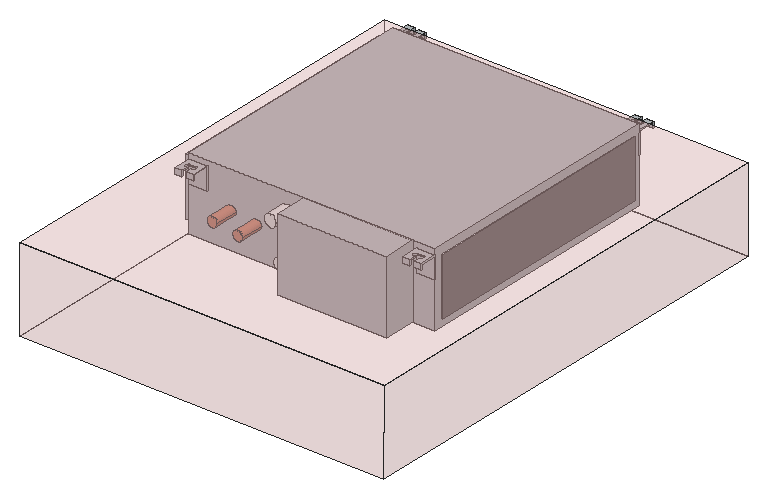
Revit family "PEFY-WP25VMS1-E_Service_Area3", category Mechanical Equipment, host Ceiling, Revit 2012
Parameters (values of type "PEFY-WP25VMS1-E_240V_60Hz")
  Description = "Ceiling concealed"
  Manufacturer = "Mitsubishi Electric Corporation"
  Model = "PEFY-WP25VMS1-E"
  Width = 790 mm
  Water Pipe_radius (To HBC Unit) = 13.2 mm
  Water Pipe_radius (From HBC Unit) = 13.2 mm
  WarrantyStart = ""
  Voltage = 240 V
  Unit Weight (kg) = 20
  URL = "http://www.mitsubishielectric.com/"
  TagNumber = 0
  Subcategory = "HVAC"
  Space View = yes
  Sound Pressure Level_Mid (dB(A)) = 26
  Sound Pressure Level_Low (dB(A)) = 23
  Sound Pressure Level_High (dB(A)) = 30
  SerialNumber = 0
  ReplacementYear = ""
  Protection Device = "Fuse"
  Phase = 1
  Maximum Circuit Ampacity (A) = 0.75
  InstallationDate = ""
  Hertz = 60 Hz
  Height = 200 mm
  Heating Power Input (kW) = 0.04
  Heating Current (A) = 0.4
  Heating Capacity (kW) = 3.2
  Fan_Type = "Sirocco fan"
  Fan_Quantity = 2
  Fan Motor Output (kW) = 0.096
  External_static_pressure (Pa) = "5-15-35-50"
  External Finish = "Galvanized steel plate"
  Equip_description = ""
  Equip_No. = 0
  Equip_ID = ""
  Drain pipe2_radius = 16 mm
  Drain pipe1_radius = 16 mm
  Description = ""
  Depth = 700 mm
  CreatedOn = ""
  CreatedBy = ""
  Cooling Power Input (kW) = 0.06
  Cooling Current (A) = 0.51
  Cooling Capacity (kW) = 2.8
  Category = ""
  Barcode = ""
  AssetIdentifier = ""
  Airflow Rate_Mid (m3/min) = 7
  Airflow Rate_Mid (m3/h) = 420
  Airflow Rate_Low (m3/min) = 5.5
  Airflow Rate_Low (m3/h) = 330
  Airflow Rate_High (m3/min) = 9
  Airflow Rate_High (m3/h) = 540
Types (6, lengths in mm): name | Voltage | Hertz
  PEFY-WP25VMS1-E_220V_50Hz | 220 V | 50 Hz
  PEFY-WP25VMS1-E_220V_60Hz | 220 V | 60 Hz
  PEFY-WP25VMS1-E_230V_50Hz | 230 V | 50 Hz
  PEFY-WP25VMS1-E_230V_60Hz | 230 V | 60 Hz
  PEFY-WP25VMS1-E_240V_50Hz | 240 V | 50 Hz
  PEFY-WP25VMS1-E_240V_60Hz | 240 V | 60 Hz
Reference planes
  plane 1 "Center (Front/Back)": y = 0
  plane 2: z = 0
  plane 3 "Center (Left/Right)": x = 0
  plane 4 "Ceiling": z = 4030
  plane 5: z = 4050
  plane 6: z = 4250
  plane 7: y = -875
  plane 8: y = -350
  plane 9: y = 350
  plane 10: y = 350
  plane 11: z = 4235
  plane 12: x = 325
  plane 13: x = 350
  plane 14: x = -300
  plane 15: x = -350
  plane 16: z = 4230
  plane 17: x = -57
  plane 18: z = 4202
  plane 19: z = 4080
  plane 20: x = -211
  plane 21: x = -141
  plane 22: z = 4148
  plane 23: z = 4138
  plane 24: x = -350
  plane 25: x = 350
  plane 26: y = -440
Forms (mm)
  Extrusion 1, solid, material "Plated steel"
    sketch origin (88.259, -337.375, 3750) x (1, 0, 0) y (0, 1, 0)
      loop
        line (-415.259, 687.375) -> (-415.259, -12.625) -> (261.741, -12.625) -> (261.741, 687.375) -> (-415.259, 687.375)
    from 300 to 500
  Extrusion 2, solid, material "Service space", visible <- "Space View"
    sketch origin (-2000, 6000, 4050) x (0, 1, 0) y (1, 0, 0)
      loop
        line (-6900, 1650) -> (-5650, 1650) -> (-5650, 2650) -> (-6900, 2650) -> (-6900, 1650)
    from 20 to -210
  Extrusion 3, solid
    sketch origin (0, 0, 0) x (0, 1, 0) y (0, 0, 1)
      loop
        line (-330, 4230) -> (-330, 4071) -> (330, 4071) -> (330, 4230) -> (-330, 4230)
    from 350 to 355
  Extrusion 4, solid
    sketch origin (-350, 0, 4250) x (0, 0, 1) y (0, -1, 0)
      loop
        line (-20, 330) -> (-179, 330) -> (-179, -330) -> (-20, -330) -> (-20, 330)
    from 0 to 23
  Extrusion 5, solid
    sketch origin (794.259, -350, 3750) x (-1, 0, 0) y (0, 0, -1)
      loop
        circle (851.259, -452) r 16
    from 0 to 57
  Extrusion 6, solid
    sketch origin (794.259, -350, 3750) x (-1, 0, 0) y (0, 0, -1)
      loop
        circle (851.259, -330) r 16
    from 0 to 25
  Extrusion 7, solid
    sketch origin (794.259, -350, 3750) x (-1, 0, 0) y (0, 0, -1)
      loop
        line (505.751, -500) -> (805.751, -500) -> (805.751, -300) -> (505.751, -300) -> (505.751, -500)
    from 0 to 90
  Extrusion 8, solid
    sketch origin (794.259, -350, 3750) x (-1, 0, 0) y (0, 0, -1)
      loop
        circle (1005.259, -398) r 13.2
      loop
        circle (935.259, -388) r 13.2
    from 0 to 64
Lines and regions (mm)
  model lines, visible <- "Space View"
    curve 1: line (-400, 400, 4030) -> (377, 400, 4030)
    curve 2: line (-400, -900, 4030) -> (-400, 400, 4030)
    curve 3: line (377, -900, 4030) -> (-400, -900, 4030)
    curve 4: line (377, 400, 4030) -> (377, -900, 4030)
Dimensions and locks
  equal spacing: host sketch curve, plane 3 "Center (Left/Right)", host sketch curve
  equal spacing: host sketch curve, plane 1 "Center (Front/Back)", host sketch curve
  host sketch curve to host sketch curve = 4000 mm  (x2)
  locked: plane 4 "Ceiling" to host ceiling at 0
  Extrusion 1 to Extrusion 1 = 700 mm
  Extrusion 1 to plane 1 "Center (Front/Back)" = 350 mm
  plane 5 to Extrusion 1 = 200 mm
  plane 6 to plane 5 = 200 mm
  Extrusion 1 to plane 7 = 525 mm
  plane 4 "Ceiling" to plane 5 = 20 mm
  Extrusion 1 to Extrusion 1 = 677 mm
  plane 8 to plane 10 = 700 mm
  locked: plane 11 to plane 6 at 15
  locked: plane 16 to plane 6 at 20
  locked: Extrusion 3 to plane 16 at 159
  locked: Extrusion 4 to plane 16 at 159
  plane 6 to plane 18 to plane 19 = 48 mm locked, 122 mm locked
  locked: Extrusion 7 to Extrusion 7 at 200
  plane 6 to plane 22 to plane 23 = 102 mm locked, 10 mm locked
  plane 15 to curve 4 = 727 mm
  aligned and locked: plane 5 to Extrusion 1
  aligned and locked: Extrusion 1 to plane 6
  aligned and locked: plane 8 to Extrusion 1
  aligned and locked: plane 10 to Extrusion 1
  aligned and locked: nested 1 to Extrusion 1
  aligned and locked: nested 1 to plane 14
  aligned and locked: nested 1 to plane 11
  aligned and locked: nested 2 to plane 11
  aligned and locked: plane 11 to nested 4
  aligned and locked: plane 11 to nested 3
  aligned and locked: nested 4 to plane 10
  aligned and locked: nested 3 to plane 10
  aligned and locked: Extrusion 3 to plane 16
  aligned and locked: Extrusion 4 to plane 16
  aligned and locked: plane 8 to nested 2
  aligned and locked: plane 18 to Extrusion 5
  aligned and locked: plane 19 to Extrusion 6
  aligned and locked: Extrusion 7 to plane 6
  aligned and locked: plane 22 to Extrusion 8
  aligned and locked: plane 23 to Extrusion 8
Nested families
  nested 1: "LEG" at (-300, -376, 4235), type "LEG_28"
  nested 2: "LEG" at (325, -376, 4235), type "LEG_28"
  nested 3: "LEG" at (-300, 376, 4235), type "LEG_28"
  nested 4: "LEG" at (325, 376, 4235), type "LEG_28"
Connectors
  piping at (-57, -407, 4202), driven by "Drain pipe1_radius"
    settings: on Extrusion 5, index 1, connector radius 16 mm, flow factor 0, pipe flow 0.0 L/s, pressure drop 0.0 Pa, fitting loss kfactor 0, connector angle 0.00°, fixture units 0, engagement length 0 mm, flow configuration 0, flow direction 2, fitting loss method 0, system type 22, joint type 0, gender type 0, connector reference index -1, connector utility 0, adjustable connector no, is connector primary yes, fitting loss table "", connector description "Drain pipe"
  piping at (-57, -375, 4080), driven by "Drain pipe2_radius"
    settings: on Extrusion 6, index 2, connector radius 16 mm, flow factor 0, pipe flow 0.0 L/s, pressure drop 0.0 Pa, fitting loss kfactor 0, connector angle 0.00°, fixture units 0, engagement length 0 mm, flow configuration 0, flow direction 2, fitting loss method 0, system type 22, joint type 0, gender type 0, connector reference index -1, connector utility 0, adjustable connector no, is connector primary no, fitting loss table "", connector description "Drain pipe"
  piping at (-141, -414, 4138)
    settings: on Extrusion 8, index 3, connector radius 13.2 mm, flow factor 0, pipe flow 0.0 L/s, pressure drop 0.0 Pa, fitting loss kfactor 0, connector angle 0.00°, fixture units 0, engagement length 0 mm, flow configuration 0, flow direction 1, fitting loss method 0, system type 22, joint type 0, gender type 0, connector reference index -1, connector utility 0, adjustable connector no, is connector primary no, fitting loss table "", connector description "Water pipe(From HBC unit)"
  piping at (-211, -414, 4148)
    settings: on Extrusion 8, index 4, connector radius 13.2 mm, flow factor 0, pipe flow 0.0 L/s, pressure drop 0.0 Pa, fitting loss kfactor 0, connector angle 0.00°, fixture units 0, engagement length 0 mm, flow configuration 0, flow direction 2, fitting loss method 0, system type 22, joint type 0, gender type 0, connector reference index -1, connector utility 0, adjustable connector no, is connector primary no, fitting loss table "", connector description "Water pipe(To HBC unit)"
  hvac at (355, 0, 4150.5)
    settings: on Extrusion 3, index 5, duct flow 0.0 L/s, flow factor 0, pres drop 0.0 Pa, loss coef 0, conn angle 0.00°, conn width 660 mm, conn height 160 mm, conn radius 304.8 mm, duct sys type 1, conn prof type 1, flow config 0, flow direction 1, loss method 0, conn ref index -1, conn util no, is conn primary yes, conn desc "Air inlet"
  hvac at (-350, 0, 4150.5)
    settings: on Extrusion 4, index 6, duct flow 0.0 L/s, flow factor 0, pres drop 0.0 Pa, loss coef 0, conn angle 0.00°, conn width 660 mm, conn height 150 mm, conn radius 304.8 mm, duct sys type 3, conn prof type 1, flow config 0, flow direction 2, loss method 0, conn ref index -1, conn util no, is conn primary no, conn desc "Air outlet"
  electrical at (288.508, -395, 4150), driven by "Phase", driven by "Voltage"
    settings: on Extrusion 7, index 7, voltage 240 V, apparent load 0 VA, apparent load phase1 0 VA, apparent load phase2 0 VA, apparent load phase3 0 VA, power factor 1, load classification "Other", number of poles 1, system type 30, power factor state 1, is connector primary yes, connector utility no, sub classification motor no, connector description ""
Definition of nested family "LEG"
  Parameters (values of type "LEG_28")
    product distance = 28 mm
  Reference planes
    plane 1 "中心(正面/背面)": y = 0
    plane 2: z = 0
    plane 3 "中心(左/右)": x = 0
    plane 4: x = -25
    plane 5: x = 25
    plane 6: y = -23
    plane 7: y = 28
    plane 8: x = -8
    plane 9: x = 8
    plane 10: x = -6
    plane 11: x = 6
  Forms (mm)
    Extrusion 1, solid, material "Plated steel"
      sketch origin (0, 0, 0) x (1, 0, 0) y (0, 1, 0)
        loop
          line (-25, 26) -> (-25, -23) -> (25, -23) -> (25, 26) -> (-25, 26)
      from 0 to -60
    Extrusion 2, void
      sketch origin (0, 0, 0) x (0, 1, 0) y (0, 0, 1)
        loop
          line (-20.7, -2.3) -> (-20.7, -15) -> (-23, -15) -> (-23, -60) -> (24, -60) -> (24, -2.3) -> (-20.7, -2.3)
      from -25 to 25
    Extrusion 3, void
      sketch origin (0, 0, 0) x (1, 0, 0) y (0, 1, 0)
        loop
          arc (-8, 7) -> (-15, 0) -> (-8, -7) r 7
          line (-8, -7) -> (-6, -7) -> (-6, -23) -> (6, -23) -> (6, -7) -> (8, -7)
          arc (8, -7) -> (15, 0) -> (8, 7) r 7
          line (8, 7) -> (-8, 7)
      from 0 to -60
  Cuts and joins
    Extrusion 2, Extrusion 3 cuts Extrusion 1
  Dimensions and locks
    locked: Extrusion 1 sketch curve to Extrusion 1 sketch curve at 50
    equal spacing: Extrusion 1 sketch curve, plane 3 "中心(左/右)", Extrusion 1 sketch curve
    locked: plane 6 to plane 1 "中心(正面/背面)" at 23
    "product distance": plane 1 "中心(正面/背面)" to plane 7
    plane 7 to Extrusion 2 sketch curve = 4 mm
    locked: cut or joined group of Extrusion 1, Extrusion 2, Extrusion 3 to cut or joined group of Extrusion 1, Extrusion 2, Extrusion 3 at 2.3  (x2)
    aligned and locked: level to plane 2
    aligned and locked: Extrusion 2 to Extrusion 1
    aligned and locked: Extrusion 1 to Extrusion 2
    aligned and locked: Extrusion 2 sketch curve to cut or joined group of Extrusion 1, Extrusion 2, Extrusion 3  (x2)
    aligned and locked: cut or joined group of Extrusion 1, Extrusion 2, Extrusion 3 to Extrusion 3 sketch curve
    aligned and locked: plane 6 to Extrusion 1 sketch curve
  Automatic sketch dimensions
    Extrusion 2 sketch curve to plane 6 = 2.3 mm
    Extrusion 2 sketch curve to level = 15 mm
    Extrusion 2 sketch curve to level = 2.3 mm
    plane 1 "中心(正面/背面)" to Extrusion 3 sketch curve = 0 mm  (x2)
    Extrusion 3 sketch curve to plane 8 = 0 mm
    Extrusion 3 sketch curve to plane 10 = 0 mm
    Extrusion 3 sketch curve to plane 11 = 0 mm
    Extrusion 3 sketch curve to plane 9 = 0 mm  (x2)
    plane 1 "中心(正面/背面)" to Extrusion 3 sketch curve = 7 mm
    plane 7 to Extrusion 1 sketch curve = 2 mm
